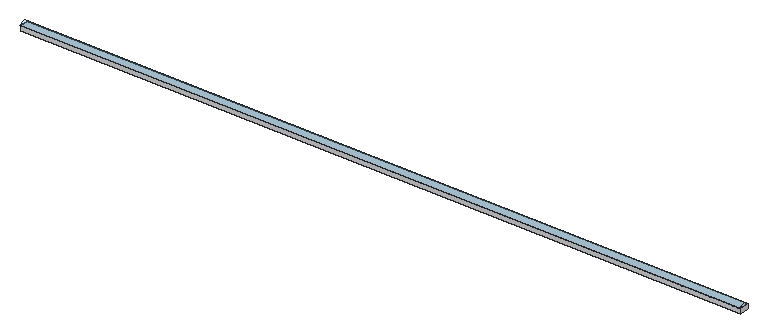
Revit family "127V BRILLOSA 2835 IP 67_SL127V15W.U_W.W_W.N", category Luminarias, Revit 2019
Family settings
  Cota de conector redondo = Diámetro de uso
  Tipo de pieza = Normal
  Se basa en plano de trabajo = Sí
  Siempre vertical = No
  Corte con vacíos al cargar = No
  Origen de luz = Sí
  Compartido = No
  Punto de cálculo de habitación = No
Parameters (values of type "127V BRILLOSA 2835 IP 67_SL127V15W.W")
  Tilt Angle = 60.00°
  built-in parameter 1010506 = 0.5236 (stored number, unit not read)
  built-in parameter 1010507 = 1.5708 (stored number, unit not read)
  Zone [instance] = ""
  Watt per fixture [instance] = (Longitud / 1000 mm) * (12)  # 12
  Wattage = 12 W
  built-in parameter 1150107 = 3000 (stored number, unit not read)
  built-in parameter 1150110 = 1 (stored number, unit not read)
  built-in parameter 1150109 = 1 (stored number, unit not read)
  built-in parameter 1150112 = 1 (stored number, unit not read)
  built-in parameter 1150113 = 1 (stored number, unit not read)
  built-in parameter 1114218 = 1 (stored number, unit not read)
  built-in parameter 1150137 = (empty or 0)
  built-in parameter 1150132 = (empty or 0)
  Modelo = "SL127V15W.W"
  Lámpara = "2835 SMD"
  Longitud de símbolo de origen de luz = 1500 mm
  Longitud de línea de emisión = 600 mm
  Longitud [instance] = 1000 mm
  LCG1 Funda Termo contractil [instance] = (LCC6 Convertidor de Corriente) * (2)  # 2
  LCF3 Tapa Final [instance] = (LCC6 Convertidor de Corriente) * (1)  # 1
  LCC6 Convertidor de Corriente [instance] = 1
  LCA1 Conector Aguja [instance] = (LCC6 Convertidor de Corriente) * (1)  # 1
  built-in parameter 1150105 = 3984.2 (stored number, unit not read)
  built-in parameter 1150102 = (empty or 0)
  built-in parameter 1150106 = 39.842 (stored number, unit not read)
  Lumens = 1191.6 lm
  Color Filter = 16777215
  built-in parameter 1114217 = 1 (stored number, unit not read)
  built-in parameter 1150139 = (empty or 0)
  Fabricante = "BRILLANT"
  Default Elevation = 0 mm
  built-in parameter 1150104 = 9.2253 (stored number, unit not read)
  Descripción = "TIRA LED BRILLOSA DE PCB CON RECUBRIMIENTO DE PLASTICO 8MM MONOCROMATICA , CON UNA POTENCIA DE 12W/M DE UN TIPO DE LED 2835 SMD, USO PARA INTERIORES COMO EXTERIORES IP67, IRC80, 80 LEDS POR METRO, PRESENTACION DE 50 Y 25M, TEMPERATURA EN BLANCO CALIDO 3000K, 1100 LUMENES POR METRO, CORTE A 10CM, ALIMENTADA A 127V, REQUIERE ACCESORIOS COMO CONVERTIDOR DE CORRIENTE (1 POR SEGMENTO DE TIRA), CONECTOR INTERMEDIO (CONSIDERAR EN CORTES DE TIRA O ANGULOS CERRADOS), CONECTOR AGUJA (CONSIDERAR 1PZA POR CADA CONVERTIDOR), FUNDA TERMOCONTRACTIL (CONSIDERAR 2PZAS POR SEGMENTO DE TIRA), TAPA FINAL (CONSIDERAR 1PZA POR SEGMENTO DE TIRA) Y CLIPS DE SUJECION (CONSIDERAR 4 PZAS POR 1M)"
  built-in parameter 1150115 = 1 (stored number, unit not read)
  built-in parameter 1150114 = 1 (stored number, unit not read)
  Costo USD_SL127V15W [instance] = (Longitud / 1000 mm) * (17)  # 17
  Cost = 0
  Comentarios de vataje = "127V"
  built-in parameter 1150138 = (empty or 0)
  built-in parameter 1150134 = (empty or 0)
  Circuit [instance] = ""
  Dimming Lamp Color Temperature Shift = (empty or 0)
  CL1 Clips de sujecion [instance] = (Longitud / 1000 mm) * (4)  # 4
  built-in parameter 1150133 = 10 (stored number, unit not read)
Types (3, lengths in mm): name | built-in parameter 1150107 | Modelo | Descripción | built-in parameter 1150134
  127V BRILLOSA 2835 IP 67_SL127V15W.U | 2400 (stored number, unit not read) | "SL127V15W.U" | "TIRA LED BRILLOSA DE PCB CON RECUBRIMIENTO DE PLASTICO 8MM MONOCROMATICA , CON UNA POTENCIA DE 12W/M DE UN TIPO DE LED 2835 SMD, USO PARA INTERIORES COMO EXTERIORES IP67, IRC80, 80 LEDS POR METRO, PRESENTACION DE 50 Y 25M, TEMPERATURA EN BLANCO ULTRA CALIDO 2400K, 1100 LUMENES POR METRO, CORTE A 10CM, ALIMENTADA A 127V, REQUIERE ACCESORIOS COMO CONVERTIDOR DE CORRIENTE (1 POR SEGMENTO DE TIRA), CONECTOR INTERMEDIO (CONSIDERAR EN CORTES DE TIRA O ANGULOS CERRADOS), CONECTOR AGUJA (CONSIDERAR 1PZA POR CADA CONVERTIDOR), FUNDA TERMOCONTRACTIL (CONSIDERAR 2PZAS POR SEGMENTO DE TIRA), TAPA FINAL (CONSIDERAR 1PZA POR SEGMENTO DE TIRA) Y CLIPS DE SUJECION (CONSIDERAR 4 PZAS POR 1M)" | (empty or 0)
  127V BRILLOSA 2835 IP 67_SL127V15W.W | 3000 (stored number, unit not read) | "SL127V15W.W" | "TIRA LED BRILLOSA DE PCB CON RECUBRIMIENTO DE PLASTICO 8MM MONOCROMATICA , CON UNA POTENCIA DE 12W/M DE UN TIPO DE LED 2835 SMD, USO PARA INTERIORES COMO EXTERIORES IP67, IRC80, 80 LEDS POR METRO, PRESENTACION DE 50 Y 25M, TEMPERATURA EN BLANCO CALIDO 3000K, 1100 LUMENES POR METRO, CORTE A 10CM, ALIMENTADA A 127V, REQUIERE ACCESORIOS COMO CONVERTIDOR DE CORRIENTE (1 POR SEGMENTO DE TIRA), CONECTOR INTERMEDIO (CONSIDERAR EN CORTES DE TIRA O ANGULOS CERRADOS), CONECTOR AGUJA (CONSIDERAR 1PZA POR CADA CONVERTIDOR), FUNDA TERMOCONTRACTIL (CONSIDERAR 2PZAS POR SEGMENTO DE TIRA), TAPA FINAL (CONSIDERAR 1PZA POR SEGMENTO DE TIRA) Y CLIPS DE SUJECION (CONSIDERAR 4 PZAS POR 1M)" | (empty or 0)
  127V BRILLOSA 2835 IP 67_SL127V15W.N | 4000 (stored number, unit not read) | "SL127V15W.N" | "TIRA LED BRILLOSA DE PCB CON RECUBRIMIENTO DE PLASTICO 8MM MONOCROMATICA , CON UNA POTENCIA DE 12W/M DE UN TIPO DE LED 2835 SMD, USO PARA INTERIORES COMO EXTERIORES IP67, IRC80, 80 LEDS POR METRO, PRESENTACION DE 50 Y 25M, TEMPERATURA EN BLANCO FRIO 4000K, 1100 LUMENES POR METRO, CORTE A 10CM, ALIMENTADA A 127V, REQUIERE ACCESORIOS COMO CONVERTIDOR DE CORRIENTE (1 POR SEGMENTO DE TIRA), CONECTOR INTERMEDIO (CONSIDERAR EN CORTES DE TIRA O ANGULOS CERRADOS), CONECTOR AGUJA (CONSIDERAR 1PZA POR CADA CONVERTIDOR), FUNDA TERMOCONTRACTIL (CONSIDERAR 2PZAS POR SEGMENTO DE TIRA), TAPA FINAL (CONSIDERAR 1PZA POR SEGMENTO DE TIRA) Y CLIPS DE SUJECION (CONSIDERAR 4 PZAS POR 1M)" | 12
Reference planes
  plane 1 "Centro (Frontal/Posterior)": y = 0
  plane 2: z = 0
  plane 3 "Centro (Izquierda/Derecha)": x = 0
  plane 4: x = 0
  plane 5: z = 12
  plane 6: x = -1000
Forms (mm)
  Extrusion 1, solid
    sketch origin (0, 0, 0) x (1, 0, 0) y (0, 1, 0)
      loop
        line (-1000, 6.476) -> (-1000, -6.493) -> (0, -6.493) -> (0, 6.476) -> (-1000, 6.476)
    from 0 to 6.038
  Extrusion 2, solid, material "Cristal"
    sketch origin (0, 0, 0) x (0, 1, 0) y (0, 0, 1)
      loop
        arc (6.5, 6.038) -> (0, 10.038) -> (-6.5, 6.038) r 7.281
        line (-6.5, 6.038) -> (6.5, 6.038)
    from -1000 to 0
Dimensions and locks
  "Longitud": plane 6 to plane 4
  "Longitud": plane 6 to plane 3 "Centro (Izquierda/Derecha)"
  aligned and locked: level to plane 2
  aligned and locked: Extrusion 1 to plane 4
  aligned and locked: plane 6 to Extrusion 1
  aligned and locked: Extrusion 2 to Extrusion 1
  aligned and locked: plane 3 "Centro (Izquierda/Derecha)" to Extrusion 2
  aligned and locked: plane 3 "Centro (Izquierda/Derecha)" to Extrusion 1
Automatic sketch dimensions
  Extrusion 1 sketch curve to plane 6 = 0 mm
  Extrusion 1 sketch curve to plane 3 "Centro (Izquierda/Derecha)" = 0 mm
  plane 1 "Centro (Frontal/Posterior)" to Extrusion 1 sketch curve = 6.493 mm
  Extrusion 1 sketch curve to plane 1 "Centro (Frontal/Posterior)" = 6.476 mm
  level to Extrusion 2 sketch curve = 2.757 mm
  Extrusion 2 sketch curve to plane 1 "Centro (Frontal/Posterior)" = 0 mm
  plane 1 "Centro (Frontal/Posterior)" to Extrusion 2 sketch curve = 6.5 mm
  Extrusion 2 sketch curve to plane 5 = 5.962 mm
Connectors
  electrical at (0, -0.009, 3.019)
    settings: on Extrusion 1, index 1, voltage 127 V, apparent load 0 VA, apparent load phase1 0 VA, apparent load phase2 0 VA, apparent load phase3 0 VA, power factor 1, load classification "Otro", number of poles 1, system type 31, power factor state 1, is connector primary yes, connector utility no, sub classification motor no, connector description ""
